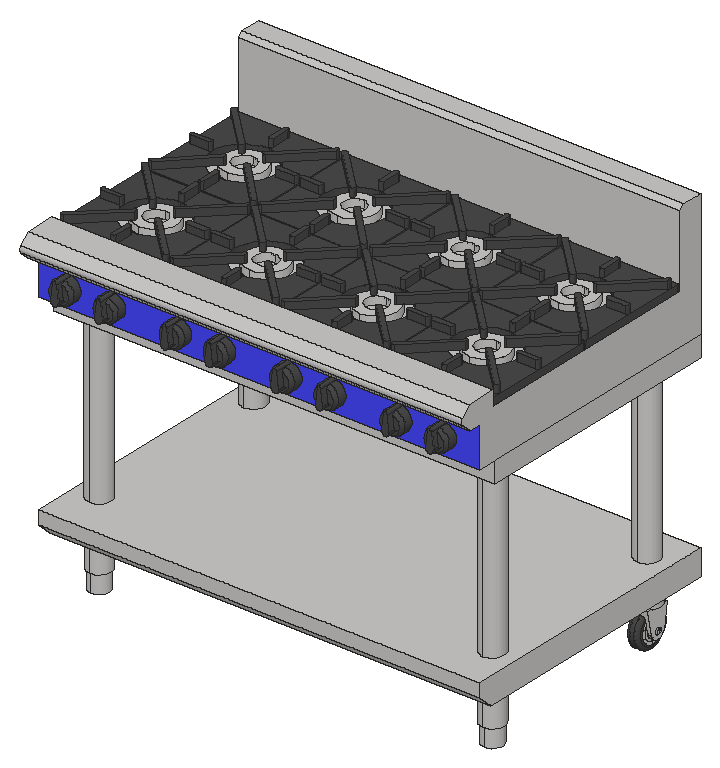
Revit family "QF_MOFFAT_BLUESEAL_CE_G518D-LS", category Specialty Equipment, Revit 2012
Parameters
  Width = 1200 mm
  Weight in Pounds = 347  # constant formula
  URL Cutsheet = "www.moffat.com"
  URL = "www.moffat.com"
  Type Mark [instance] = ""
  Status [instance] = ""
  Specification by User [instance] = ""
  Specification by Manufacturer = ""
  Show Logo [instance] = no
  Show Casters [instance] = yes
  Serial Number = ""
  Seismic Rating = ""
  SMACNA No = ""
  Revision Code [instance] = ""
  Omniclass Number and Title = ""
  NAFEM Spec ID Number = ""
  Model = "G518D-LS"
  Mechanical Remarks = ""
  Mechanical Connection Type = ""
  Masterspec = ""
  Manufacturer = "MOFFAT BLUESEAL"
  Legs [instance] = not(Show Casters)  # no
  Item Number [instance] = ""
  Installed By [instance] = ""
  Identify Quantity as Lot [instance] = yes
  Gas Size = 3/4"
  Gas RI Height = 0 mm
  Gas KW = 56
  Gas Input = 192500.0 Btu/h
  Gas Connection Height = 0 mm
  Furnished By [instance] = ""
  Foodservice Equipment Identifier [instance] = yes
  Description = "1200MM GAS COOK TOP ON LEG STAND"
  Depth = 812 mm
  CSI MasterFormat = ""
  CSI Master Format = ""
  Base Height [instance] = 150 mm
Reference planes
  plane 1 "BACK": y = 0
  plane 2: z = 0
  plane 3 "LEFT": x = 0
  plane 4 "RIGHT": x = 1200
  plane 5 "FRONT": y = -812
  plane 6 "TOP": z = 970
  plane 7 "Center Y": x = 600
  plane 8 "Center X": y = -406
  plane 9 "Base Height": z = 150
  plane 10: z = 915
  plane 11: x = 1070
  plane 12: z = 1085
  plane 13: x = 65.354
  plane 14: y = -625
  plane 15: y = -100
  plane 16: z = 655
  plane 17: x = 1134.646
Forms (mm)
  Extrusion 1, solid, material "QF_Finishes_Stainless Steel"
    sketch origin (0, 0, 0) x (0, 1, 0) y (0, 0, 1)
      loop
        line (-749, 850) -> (-749, 740) -> (0, 740) -> (0, 1085) -> (-57.5, 1085) -> (-70, 1072.5) -> (-70, 875) -> (-705, 875) -> (-705, 915) -> (-783.97, 915) -> (-808.485, 890.485)
        arc (-808.485, 890.485) -> (-811.999, 882) -> (-808.485, 873.515) r 12
        line (-808.485, 873.515) -> (-784.97, 850) -> (-749, 850)
      loop
        line (0, 685) -> (0, 739.5) -> (-699, 739.5) -> (-699, 685) -> (0, 685)
      loop
        line (0, 222.5) -> (-749, 222.5) -> (-749, 186) -> (-713, 150) -> (0, 150) -> (0, 222.5)
    from 0 to 1200
  Revolve 2, solid, material "QF_Finishes_Black"
    sketch origin (90, 7, 600) x (0, 1, 0) y (0, 0, -1)
      loop
        line (-789, -229.5) -> (-766, -229.5) -> (-766, -202) -> (-756, -202) -> (-756, -197) -> (-800, -197) -> (-800, -223.651) -> (-789, -229.5)
      axis (-800, -197) -> (-756, -197)
    angle from 0 to 360
  Extrusion 3, solid, material "QF_Finishes_Black"
    sketch origin (90, -759, 797) x (0, 0, 1) y (1, 0, 0)
      loop
        arc (32.192, -4.965) -> (37.079, 0.034) -> (32.192, 5.033) r 5
        line (32.192, 5.033) -> (-10.726, 10.453)
        arc (-10.726, 10.453) -> (-22.392, 0.618) -> (-11.893, -10.454) r 10.487
        line (-11.893, -10.454) -> (32.192, -4.965)
    from 0 to -49
  Extrusion 4, solid, material "QF_Finishes_Stainless Steel"
    sketch origin (0, 0, 222.5) x (0, -1, 0) y (1, 0, 0)
      loop
        circle (100, 65) r 31.75
      loop
        circle (625, 65) r 31.75
      loop
        circle (100, 1135) r 31.75
      loop
        circle (625, 1135) r 31.75
    from 0 to 462.5
  Revolve 5, solid, material "QF_Finishes_Stainless Steel", visible <- "Legs"
    sketch origin (65.5, -166, 0) x (0, 1, 0) y (0, 0, 1)
      loop
        line (34.25, 150) -> (34.25, 50) -> (38.5, 50) -> (38.5, 0) -> (66, 0) -> (66, 150) -> (34.25, 150)
      axis (66, 150) -> (66, 0)
    angle from 0 to 360
  Revolve 6, solid, material "QF_Finishes_Stainless Steel"
    sketch origin (65.5, -735, 0) x (0, 1, 0) y (0, 0, 1)
      loop
        line (78.25, 150) -> (78.25, 50) -> (82.5, 50) -> (82.5, 0) -> (110, 0) -> (110, 150) -> (78.25, 150)
      axis (110, 150) -> (110, 0)
    angle from 0 to 360
  Revolve 7, solid, material "QF_Finishes_Stainless Steel", visible <- "Show Casters"
    sketch origin (16.276, -100.755, -12.8) x (1, 0, 0) y (0, 0, 1)
      loop
        line (14.841, 63.604) -> (83.584, 63.604) -> (83.584, 67.109) -> (82.314, 68.379) -> (80.79, 68.379) -> (80.79, 71.826) -> (68.644, 71.826) -> (68.644, 81.79) -> (65.088, 83.843) -> (63.738, 92.179) -> (65.881, 92.179) -> (65.881, 98.529) -> (65.088, 98.529) -> (65.088, 104.879)
        arc (65.088, 104.879) -> (62.298, 111.614) -> (55.563, 114.404) r 9.525
        line (55.563, 114.404) -> (42.863, 114.404)
        arc (42.863, 114.404) -> (36.127, 111.614) -> (33.338, 104.879) r 9.525
        line (33.338, 104.879) -> (33.338, 98.529) -> (32.544, 98.529) -> (32.544, 92.179) -> (34.687, 92.179) -> (33.352, 83.932) -> (29.782, 81.871) -> (29.782, 71.826) -> (17.635, 71.826) -> (17.635, 68.379) -> (16.111, 68.379) -> (14.841, 67.109) -> (14.841, 63.604)
      axis (14.841, 63.604) -> (83.584, 63.604)
    angle from 0 to 360
  Extrusion 8, solid, material "QF_Finishes_Stainless Steel", visible <- "Show Casters"
    sketch origin (72.001, 132.353, -8.783) x (0, 1, 0) y (0, 0, 1)
      loop
        line (-200.603, 118.783) -> (-264.103, 118.783) -> (-251.746, 53.895)
        arc (-251.746, 53.895) -> (-232.353, 38.783) -> (-212.959, 53.895) r 20
        line (-212.959, 53.895) -> (-200.603, 118.783)
    from -35.667 to 22.923
  Revolve 9, solid, material "QF_Finishes_Stainless Steel", visible <- "Show Casters"
    sketch origin (65.5, -204, 0) x (0, 1, 0) y (0, 0, 1)
      loop
        line (68.25, 150) -> (68.25, 110) -> (104, 110) -> (104, 150) -> (68.25, 150)
      axis (104, 150) -> (104, 110)
    angle from 0 to 360
  Revolve 10, solid, material "QF_Finishes_Stainless Steel", visible <- "Legs"
    sketch origin (65.5, -166, 0) x (0, 1, 0) y (0, 0, 1)
      loop
        line (34.25, 150) -> (34.25, 50) -> (38.5, 50) -> (38.5, 0) -> (66, 0) -> (66, 150) -> (34.25, 150)
      axis (66, 150) -> (66, 0)
    angle from 0 to 360
  Extrusion 11, solid, material "QF_Finishes_Stainless Steel"
    sketch origin (0, 0, 685) x (-1, 0, 0) y (0, 1, 0)
      loop
        circle (-1070, -32) r 6.35
    from 0 to 30
  Revolve 12, solid, material "QF_Finishes_Black"
    sketch origin (390, 7, 600) x (0, 1, 0) y (0, 0, -1)
      loop
        line (-789, -229.5) -> (-766, -229.5) -> (-766, -202) -> (-756, -202) -> (-756, -197) -> (-800, -197) -> (-800, -223.651) -> (-789, -229.5)
      axis (-800, -197) -> (-756, -197)
    angle from 0 to 360
  Extrusion 13, solid, material "QF_Finishes_Black"
    sketch origin (390, -759, 797) x (0, 0, 1) y (1, 0, 0)
      loop
        arc (32.192, -4.965) -> (37.079, 0.034) -> (32.192, 5.033) r 5
        line (32.192, 5.033) -> (-10.726, 10.453)
        arc (-10.726, 10.453) -> (-22.392, 0.618) -> (-11.893, -10.454) r 10.487
        line (-11.893, -10.454) -> (32.192, -4.965)
    from 0 to -49
  Revolve 14, solid, material "QF_Finishes_Black"
    sketch origin (690, 7, 600) x (0, 1, 0) y (0, 0, -1)
      loop
        line (-789, -229.5) -> (-766, -229.5) -> (-766, -202) -> (-756, -202) -> (-756, -197) -> (-800, -197) -> (-800, -223.651) -> (-789, -229.5)
      axis (-800, -197) -> (-756, -197)
    angle from 0 to 360
  Extrusion 15, solid, material "QF_Finishes_Black"
    sketch origin (690, -759, 797) x (0, 0, 1) y (1, 0, 0)
      loop
        arc (32.192, -4.965) -> (37.079, 0.034) -> (32.192, 5.033) r 5
        line (32.192, 5.033) -> (-10.726, 10.453)
        arc (-10.726, 10.453) -> (-22.392, 0.618) -> (-11.893, -10.454) r 10.487
        line (-11.893, -10.454) -> (32.192, -4.965)
    from 0 to -49
  Revolve 16, solid, material "QF_Finishes_Black"
    sketch origin (210, 7, 600) x (0, 1, 0) y (0, 0, -1)
      loop
        line (-789, -229.5) -> (-766, -229.5) -> (-766, -202) -> (-756, -202) -> (-756, -197) -> (-800, -197) -> (-800, -223.651) -> (-789, -229.5)
      axis (-800, -197) -> (-756, -197)
    angle from 0 to 360
  Extrusion 17, solid, material "QF_Finishes_Black"
    sketch origin (210, -759, 797) x (0, 0, 1) y (1, 0, 0)
      loop
        arc (32.192, -4.965) -> (37.079, 0.034) -> (32.192, 5.033) r 5
        line (32.192, 5.033) -> (-10.726, 10.453)
        arc (-10.726, 10.453) -> (-22.392, 0.618) -> (-11.893, -10.454) r 10.487
        line (-11.893, -10.454) -> (32.192, -4.965)
    from 0 to -49
  Revolve 18, solid, material "QF_Finishes_Black"
    sketch origin (510, 7, 600) x (0, 1, 0) y (0, 0, -1)
      loop
        line (-789, -229.5) -> (-766, -229.5) -> (-766, -202) -> (-756, -202) -> (-756, -197) -> (-800, -197) -> (-800, -223.651) -> (-789, -229.5)
      axis (-800, -197) -> (-756, -197)
    angle from 0 to 360
  Extrusion 19, solid, material "QF_Finishes_Black"
    sketch origin (510, -759, 797) x (0, 0, 1) y (1, 0, 0)
      loop
        arc (32.192, -4.965) -> (37.079, 0.034) -> (32.192, 5.033) r 5
        line (32.192, 5.033) -> (-10.726, 10.453)
        arc (-10.726, 10.453) -> (-22.392, 0.618) -> (-11.893, -10.454) r 10.487
        line (-11.893, -10.454) -> (32.192, -4.965)
    from 0 to -49
  Revolve 20, solid, material "QF_Finishes_Black"
    sketch origin (810, 7, 600) x (0, 1, 0) y (0, 0, -1)
      loop
        line (-789, -229.5) -> (-766, -229.5) -> (-766, -202) -> (-756, -202) -> (-756, -197) -> (-800, -197) -> (-800, -223.651) -> (-789, -229.5)
      axis (-800, -197) -> (-756, -197)
    angle from 0 to 360
  Extrusion 21, solid, material "QF_Finishes_Black"
    sketch origin (810, -759, 797) x (0, 0, 1) y (1, 0, 0)
      loop
        arc (32.192, -4.965) -> (37.079, 0.034) -> (32.192, 5.033) r 5
        line (32.192, 5.033) -> (-10.726, 10.453)
        arc (-10.726, 10.453) -> (-22.392, 0.618) -> (-11.893, -10.454) r 10.487
        line (-11.893, -10.454) -> (32.192, -4.965)
    from 0 to -49
  Revolve 22, solid, material "QF_Finishes_Stainless Steel", visible <- "Legs"
    sketch origin (1134.5, -166, 0) x (0, 1, 0) y (0, 0, -1)
      loop
        line (34.25, -150) -> (66, -150) -> (66, 0) -> (38.5, 0) -> (38.5, -50) -> (34.25, -50) -> (34.25, -150)
      axis (66, -150) -> (66, 0)
    angle from 0 to 360
  Revolve 23, solid, material "QF_Finishes_Stainless Steel"
    sketch origin (1134.5, -735, 0) x (0, 1, 0) y (0, 0, -1)
      loop
        line (78.25, -150) -> (110, -150) -> (110, 0) -> (82.5, 0) -> (82.5, -50) -> (78.25, -50) -> (78.25, -150)
      axis (110, -150) -> (110, 0)
    angle from 0 to 360
  Revolve 24, solid, material "QF_Finishes_Stainless Steel", visible <- "Show Casters"
    sketch origin (1183.724, -100.755, -12.8) x (-1, 0, 0) y (0, 0, -1)
      loop
        line (14.841, -63.604) -> (14.841, -67.109) -> (16.111, -68.379) -> (17.635, -68.379) -> (17.635, -71.826) -> (29.782, -71.826) -> (29.782, -81.871) -> (33.352, -83.932) -> (34.687, -92.179) -> (32.544, -92.179) -> (32.544, -98.529) -> (33.338, -98.529) -> (33.338, -104.879)
        arc (33.338, -104.879) -> (36.127, -111.614) -> (42.863, -114.404) r 9.525
        line (42.863, -114.404) -> (55.563, -114.404)
        arc (55.563, -114.404) -> (62.298, -111.614) -> (65.088, -104.879) r 9.525
        line (65.088, -104.879) -> (65.088, -98.529) -> (65.881, -98.529) -> (65.881, -92.179) -> (63.738, -92.179) -> (65.088, -83.843) -> (68.644, -81.79) -> (68.644, -71.826) -> (80.79, -71.826) -> (80.79, -68.379) -> (82.314, -68.379) -> (83.584, -67.109) -> (83.584, -63.604) -> (14.841, -63.604)
      axis (14.841, -63.604) -> (83.584, -63.604)
    angle from 0 to 360
  Extrusion 25, solid, material "QF_Finishes_Stainless Steel", visible <- "Show Casters"
    sketch origin (1127.999, 132.353, -8.783) x (0, 1, 0) y (0, 0, -1)
      loop
        line (-200.603, -118.783) -> (-212.959, -53.895)
        arc (-212.959, -53.895) -> (-232.353, -38.783) -> (-251.746, -53.895) r 20
        line (-251.746, -53.895) -> (-264.103, -118.783) -> (-200.603, -118.783)
    from -35.667 to 22.923
  Revolve 26, solid, material "QF_Finishes_Stainless Steel", visible <- "Show Casters"
    sketch origin (1134.5, -204, 0) x (0, 1, 0) y (0, 0, -1)
      loop
        line (68.25, -150) -> (104, -150) -> (104, -110) -> (68.25, -110) -> (68.25, -150)
      axis (104, -150) -> (104, -110)
    angle from 0 to 360
  Revolve 27, solid, material "QF_Finishes_Stainless Steel", visible <- "Legs"
    sketch origin (1134.5, -166, 0) x (0, 1, 0) y (0, 0, -1)
      loop
        line (34.25, -150) -> (66, -150) -> (66, 0) -> (38.5, 0) -> (38.5, -50) -> (34.25, -50) -> (34.25, -150)
      axis (66, -150) -> (66, 0)
    angle from 0 to 360
  Revolve 28, solid, material "QF_Finishes_Black"
    sketch origin (990, 7, 600) x (0, 1, 0) y (0, 0, -1)
      loop
        line (-789, -229.5) -> (-766, -229.5) -> (-766, -202) -> (-756, -202) -> (-756, -197) -> (-800, -197) -> (-800, -223.651) -> (-789, -229.5)
      axis (-800, -197) -> (-756, -197)
    angle from 0 to 360
  Extrusion 29, solid, material "QF_Finishes_Black"
    sketch origin (990, -759, 797) x (0, 0, 1) y (1, 0, 0)
      loop
        arc (32.192, -4.965) -> (37.079, 0.034) -> (32.192, 5.033) r 5
        line (32.192, 5.033) -> (-10.726, 10.453)
        arc (-10.726, 10.453) -> (-22.392, 0.618) -> (-11.893, -10.454) r 10.487
        line (-11.893, -10.454) -> (32.192, -4.965)
    from 0 to -49
  Revolve 30, solid, material "QF_Finishes_Black"
    sketch origin (1110, 7, 600) x (0, 1, 0) y (0, 0, -1)
      loop
        line (-789, -229.5) -> (-766, -229.5) -> (-766, -202) -> (-756, -202) -> (-756, -197) -> (-800, -197) -> (-800, -223.651) -> (-789, -229.5)
      axis (-800, -197) -> (-756, -197)
    angle from 0 to 360
  Extrusion 31, solid, material "QF_Finishes_Black"
    sketch origin (1110, -759, 797) x (0, 0, 1) y (1, 0, 0)
      loop
        arc (32.192, -4.965) -> (37.079, 0.034) -> (32.192, 5.033) r 5
        line (32.192, 5.033) -> (-10.726, 10.453)
        arc (-10.726, 10.453) -> (-22.392, 0.618) -> (-11.893, -10.454) r 10.487
        line (-11.893, -10.454) -> (32.192, -4.965)
    from 0 to -49
Lines and regions (mm)
  Split face 1
    outline origin (0, -56.5, 1085) x (0, 1, 0) y (-1, 0, 0)
      loop
        line (11.115, -638.041) -> (11.115, -866)
        arc (11.115, -866) -> (16.115, -874.66) -> (26.115, -874.66) r 10
        line (26.115, -874.66) -> (33.115, -870.619)
        arc (33.115, -870.619) -> (36.775, -866.959) -> (38.115, -861.959) r 10
        line (38.115, -861.959) -> (38.115, -634)
        arc (38.115, -634) -> (33.115, -625.34) -> (23.115, -625.34) r 10
        line (23.115, -625.34) -> (16.115, -629.381)
        arc (16.115, -629.381) -> (12.455, -633.041) -> (11.115, -638.041) r 10
  Split face 2
    outline origin (0, -56.5, 1085) x (0, 1, 0) y (-1, 0, 0)
      loop
        line (38.115, -1151.959) -> (38.115, -924)
        arc (38.115, -924) -> (33.115, -915.34) -> (23.115, -915.34) r 10
        line (23.115, -915.34) -> (16.115, -919.381)
        arc (16.115, -919.381) -> (12.455, -923.041) -> (11.115, -928.041) r 10
        line (11.115, -928.041) -> (11.115, -1156)
        arc (11.115, -1156) -> (16.115, -1164.66) -> (26.115, -1164.66) r 10
        line (26.115, -1164.66) -> (33.115, -1160.619)
        arc (33.115, -1160.619) -> (36.775, -1156.959) -> (38.115, -1151.959) r 10
  Split face 3
    outline origin (0, -56.5, 1085) x (0, 1, 0) y (-1, 0, 0)
      loop
        line (11.115, -48.041) -> (11.115, -276)
        arc (11.115, -276) -> (16.115, -284.66) -> (26.115, -284.66) r 10
        line (26.115, -284.66) -> (33.115, -280.619)
        arc (33.115, -280.619) -> (36.775, -276.959) -> (38.115, -271.959) r 10
        line (38.115, -271.959) -> (38.115, -44)
        arc (38.115, -44) -> (33.115, -35.34) -> (23.115, -35.34) r 10
        line (23.115, -35.34) -> (16.115, -39.381)
        arc (16.115, -39.381) -> (12.455, -43.041) -> (11.115, -48.041) r 10
  Split face 4
    outline origin (0, -56.5, 1085) x (0, 1, 0) y (-1, 0, 0)
      loop
        arc (38.115, -344) -> (33.115, -335.34) -> (23.115, -335.34) r 10
        line (23.115, -335.34) -> (16.115, -339.381)
        arc (16.115, -339.381) -> (12.455, -343.041) -> (11.115, -348.041) r 10
        line (11.115, -348.041) -> (11.115, -576)
        arc (11.115, -576) -> (16.115, -584.66) -> (26.115, -584.66) r 10
        line (26.115, -584.66) -> (33.115, -580.619)
        arc (33.115, -580.619) -> (36.775, -576.959) -> (38.115, -571.959) r 10
        line (38.115, -571.959) -> (38.115, -344)
  symbolic lines, style "SpecialityEquipmentHiddenLines", visible <- "Show Casters"
    curve 1: line (78.456, -46.735, 0) -> (105.952, -62.61, 0)
    curve 2: line (27.656, -134.723, 0) -> (78.456, -46.735, 0)
    curve 3: line (55.152, -150.598, 0) -> (27.656, -134.723, 0)
    curve 4: line (105.952, -62.61, 0) -> (55.152, -150.598, 0)
    curve 5: line (1148.456, -46.735, 0) -> (1175.952, -62.61, 0)
    curve 6: line (1097.656, -134.723, 0) -> (1148.456, -46.735, 0)
    curve 7: line (1125.152, -150.598, 0) -> (1097.656, -134.723, 0)
    curve 8: line (1175.952, -62.61, 0) -> (1125.152, -150.598, 0)
  symbolic lines
    curve 9: line (0, -783.97, 0) -> (1200, -783.97, 0)
    curve 10: line (0, 0, 0) -> (0, -811.999, 0)
    curve 11: line (1200, -811.999, 0) -> (1200, 0, 0)
    curve 12: line (1200, -811.999, 0) -> (0, -811.999, 0)
    curve 13: line (0, -70, 0) -> (1200, -70, 0)
    curve 14: line (0, -57.5, 0) -> (1200, -57.5, 0)
    curve 15: line (1200, 0, 0) -> (0, 0, 0)
    curve 16: line (271.959, -18.385, 0) -> (44, -18.385, 0)
    curve 17: arc (44, -18.385, 0) -> (35.34, -23.385, 0) -> (35.34, -33.385, 0) r 10
    curve 18: line (35.34, -33.385, 0) -> (39.381, -40.385, 0)
    curve 19: arc (39.381, -40.385, 0) -> (43.041, -44.045, 0) -> (48.041, -45.385, 0) r 10
    curve 20: line (48.041, -45.385, 0) -> (276, -45.385, 0)
    curve 21: arc (276, -45.385, 0) -> (284.66, -40.385, 0) -> (284.66, -30.385, 0) r 10
    curve 22: line (284.66, -30.385, 0) -> (280.619, -23.385, 0)
    curve 23: arc (280.619, -23.385, 0) -> (276.959, -19.725, 0) -> (271.959, -18.385, 0) r 10
    curve 24: line (0, -705, 0) -> (1200, -705, 0)
    curve 25: line (571.959, -18.385, 0) -> (344, -18.385, 0)
    curve 26: arc (344, -18.385, 0) -> (335.34, -23.385, 0) -> (335.34, -33.385, 0) r 10
    curve 27: line (335.34, -33.385, 0) -> (339.381, -40.385, 0)
    curve 28: arc (339.381, -40.385, 0) -> (343.041, -44.045, 0) -> (348.041, -45.385, 0) r 10
    curve 29: line (348.041, -45.385, 0) -> (576, -45.385, 0)
    curve 30: arc (576, -45.385, 0) -> (584.66, -40.385, 0) -> (584.66, -30.385, 0) r 10
    curve 31: line (584.66, -30.385, 0) -> (580.619, -23.385, 0)
    curve 32: arc (580.619, -23.385, 0) -> (576.959, -19.725, 0) -> (571.959, -18.385, 0) r 10
    curve 33: line (861.959, -18.385, 0) -> (634, -18.385, 0)
    curve 34: arc (634, -18.385, 0) -> (625.34, -23.385, 0) -> (625.34, -33.385, 0) r 10
    curve 35: line (625.34, -33.385, 0) -> (629.381, -40.385, 0)
    curve 36: arc (629.381, -40.385, 0) -> (633.041, -44.045, 0) -> (638.041, -45.385, 0) r 10
    curve 37: line (638.041, -45.385, 0) -> (866, -45.385, 0)
    curve 38: arc (866, -45.385, 0) -> (874.66, -40.385, 0) -> (874.66, -30.385, 0) r 10
    curve 39: line (874.66, -30.385, 0) -> (870.619, -23.385, 0)
    curve 40: arc (870.619, -23.385, 0) -> (866.959, -19.725, 0) -> (861.959, -18.385, 0) r 10
    curve 41: line (924, -18.385, 0) -> (1151.959, -18.385, 0)
    curve 42: arc (1151.959, -18.385, 0) -> (1156.959, -19.725, 0) -> (1160.619, -23.385, 0) r 10
    curve 43: line (1160.619, -23.385, 0) -> (1164.66, -30.385, 0)
    curve 44: arc (1164.66, -30.385, 0) -> (1164.66, -40.385, 0) -> (1156, -45.385, 0) r 10
    curve 45: line (1156, -45.385, 0) -> (928.041, -45.385, 0)
    curve 46: arc (928.041, -45.385, 0) -> (923.041, -44.045, 0) -> (919.381, -40.385, 0) r 10
    curve 47: line (919.381, -40.385, 0) -> (915.34, -33.385, 0)
    curve 48: arc (915.34, -33.385, 0) -> (915.34, -23.385, 0) -> (924, -18.385, 0) r 10
Dimensions and locks
  equal spacing: plane 3 "LEFT", plane 7 "Center Y", plane 4 "RIGHT"
  "Width": plane 3 "LEFT" to plane 4 "RIGHT"
  equal spacing: plane 5 "FRONT", plane 8 "Center X", plane 1 "BACK"
  "Depth": plane 5 "FRONT" to plane 1 "BACK"
  equal spacing: plane 4 "RIGHT", plane 7 "Center Y", plane 3 "LEFT"
  plane 4 "RIGHT" to plane 3 "LEFT" = 1200 mm
  plane 5 "FRONT" to plane 1 "BACK" = 812 mm
  "Base Height": plane 9 "Base Height" to level
  plane 6 "TOP" to level = 970 mm
  plane 10 to level = 915 mm
  plane 11 to plane 4 "RIGHT" = 130 mm
  plane 12 to plane 2 = 1085 mm
  Revolve 7 sketch curve to Revolve 7 sketch curve = 50.8 mm
  plane 15 to plane 14 = 525 mm
  plane 16 to plane 2 = 655 mm
  Extrusion 11 sketch curve to plane 1 "BACK" = 32 mm
  Revolve 24 sketch curve to Revolve 24 sketch curve = 50.8 mm
  aligned and locked: level to plane 2
Automatic sketch dimensions
  curve 10 to plane 3 "LEFT" = 0 mm
  curve 24 to plane 4 "RIGHT" = 0 mm
  plane 1 "BACK" to curve 15 = 0 mm
  plane 3 "LEFT" to curve 3 = 27.656 mm
  plane 13 to curve 18 = 30.014 mm
  curve 17 to curve 19 = 4.041 mm
  curve 17 to curve 17 = 8.66 mm
  curve 18 to curve 20 = 8.66 mm
  plane 13 to curve 3 = 10.202 mm
  curve 1 to plane 13 = 13.102 mm
  plane 1 "BACK" to curve 16 = 18.385 mm
  curve 1 to curve 16 = 166.007 mm
  curve 23 to curve 21 = 4.041 mm
  curve 23 to curve 23 = 8.66 mm
  plane 1 "BACK" to curve 22 = 30.385 mm
  curve 23 to curve 22 = 4.041 mm
  curve 22 to curve 26 = 50.679 mm
  plane 1 "BACK" to curve 27 = 40.385 mm
  curve 27 to curve 27 = 4.041 mm
  curve 26 to curve 26 = 8.66 mm
  curve 26 to curve 28 = 4.041 mm
  curve 32 to plane 7 "Center Y" = 28.041 mm
  curve 32 to curve 29 = 4.041 mm
  curve 32 to curve 31 = 8.66 mm
  curve 32 to curve 30 = 4.041 mm
  plane 7 "Center Y" to curve 35 = 25.34 mm
  curve 35 to curve 35 = 4.041 mm
  curve 34 to curve 34 = 8.66 mm
  curve 35 to curve 37 = 8.66 mm
  plane 1 "BACK" to curve 33 = 18.385 mm
  curve 33 to plane 11 = 208.041 mm
  curve 40 to curve 37 = 4.041 mm
  plane 1 "BACK" to curve 39 = 23.385 mm
  curve 33 to curve 39 = 8.66 mm
  plane 1 "BACK" to curve 39 = 30.385 mm
  curve 40 to curve 39 = 4.041 mm
  curve 38 to curve 48 = 40.679 mm
  plane 1 "BACK" to curve 47 = 40.385 mm
  curve 47 to curve 47 = 4.041 mm
  curve 48 to curve 48 = 8.66 mm
  curve 47 to curve 46 = 8.66 mm
  plane 11 to curve 6 = 27.656 mm
  curve 7 to plane 17 = 9.494 mm
  plane 17 to curve 6 = 13.809 mm
  plane 17 to curve 41 = 17.312 mm
  curve 42 to curve 44 = 4.041 mm
  curve 42 to curve 43 = 8.66 mm
  curve 42 to curve 43 = 4.041 mm
  curve 19 to curve 16 = 22 mm
  plane 1 "BACK" to curve 30 = 45.385 mm
  curve 21 to curve 21 = 15 mm
  plane 1 "BACK" to curve 44 = 45.385 mm
  curve 38 to curve 39 = 15 mm
  curve 2 to curve 19 = 1.35 mm
  curve 5 to curve 45 = 1.35 mm
  curve 14 to plane 15 = 42.5 mm
  curve 8 to curve 14 = 5.11 mm
  curve 4 to curve 1 = 15.875 mm
  curve 13 to curve 14 = 12.5 mm
  plane 14 to curve 24 = 80 mm
  curve 9 to plane 5 "FRONT" = 28.03 mm
  curve 10 to plane 5 "FRONT" = 0.001 mm
  curve 37 to curve 35 = 5 mm
  curve 45 to curve 44 = 10 mm
  curve 29 to curve 30 = 10 mm
  curve 18 to curve 17 = 7 mm
  curve 46 to curve 47 = 7 mm
  curve 28 to curve 26 = 7 mm  (x2)
  curve 36 to curve 35 = 7 mm
  curve 46 to curve 48 = 7 mm
  curve 44 to curve 42 = 7 mm
  curve 30 to curve 32 = 7 mm
  curve 21 to curve 23 = 7 mm
  plane 10 to Extrusion 1 sketch curve = 0 mm
  Extrusion 1 sketch curve to plane 9 "Base Height" = 0 mm
  plane 12 to Extrusion 1 sketch curve = 0 mm
  Extrusion 1 sketch curve to plane 1 "BACK" = 0 mm  (x3)
  Extrusion 1 sketch curve to plane 15 = 42.5 mm
  plane 12 to Extrusion 1 sketch curve = 12.5 mm
  Extrusion 1 sketch curve to Extrusion 1 sketch curve = 12.5 mm
  plane 16 to Extrusion 1 sketch curve = 30 mm
  plane 14 to Extrusion 1 sketch curve = 74 mm
  plane 14 to Extrusion 1 sketch curve = 80 mm
  plane 14 to Extrusion 1 sketch curve = 88 mm
  Extrusion 1 sketch curve to Extrusion 1 sketch curve = 44 mm
  Extrusion 1 sketch curve to Extrusion 1 sketch curve = 36 mm
  Extrusion 1 sketch curve to plane 5 "FRONT" = 28.03 mm
  Extrusion 1 sketch curve to plane 5 "FRONT" = 27.03 mm
  Extrusion 1 sketch curve to plane 5 "FRONT" = 12.001 mm
  Extrusion 1 sketch curve to plane 5 "FRONT" = 3.515 mm  (x2)
  plane 9 "Base Height" to Extrusion 1 sketch curve = 36 mm
  plane 9 "Base Height" to Extrusion 1 sketch curve = 72.5 mm
  Extrusion 1 sketch curve to Extrusion 1 sketch curve = 54.5 mm
  Extrusion 1 sketch curve to Extrusion 1 sketch curve = 0.5 mm
  plane 10 to Extrusion 1 sketch curve = 65 mm
  Extrusion 1 sketch curve to Extrusion 1 sketch curve = 23.515 mm
  plane 10 to Extrusion 1 sketch curve = 40 mm
  Extrusion 1 sketch curve to Extrusion 1 sketch curve = 8.485 mm
  Revolve 2 sketch curve to plane 5 "FRONT" = 19 mm
  Revolve 2 sketch curve to Revolve 2 sketch curve = 0 mm  (x2)
  Revolve 2 sketch curve to Revolve 2 sketch curve = 11 mm
  Revolve 2 sketch curve to Revolve 2 sketch curve = 12.7 mm
  Revolve 2 sketch curve to Revolve 2 sketch curve = 23 mm
  Revolve 2 sketch curve to Revolve 2 sketch curve = 10 mm
  plane 10 to Revolve 2 sketch curve = 85.5 mm
  Revolve 2 sketch curve to Revolve 2 sketch curve = 5.849 mm
  Revolve 2 sketch curve to Revolve 2 sketch curve = 27.5 mm
  Revolve 2 sketch curve to Revolve 2 sketch curve = 5 mm
  Extrusion 3 sketch curve to Revolve 2 = 0.034 mm  (x2)
  Revolve 2 to Extrusion 3 sketch curve = 10.454 mm
  Extrusion 3 sketch curve to Extrusion 3 sketch curve = 0.028 mm
  Extrusion 3 sketch curve to Revolve 2 = 10.453 mm
  Extrusion 3 sketch curve to Extrusion 3 sketch curve = 44 mm
  Extrusion 3 sketch curve to Revolve 2 = 5.033 mm
  Extrusion 3 sketch curve to Extrusion 3 sketch curve = 0.113 mm
  Revolve 2 to Extrusion 3 sketch curve = 4.965 mm
  Extrusion 4 sketch curve to Extrusion 4 sketch curve = 0 mm  (x8)
  Extrusion 1 to Extrusion 4 sketch curve = 68.25 mm  (x2)
  Extrusion 4 sketch curve to Extrusion 4 sketch curve = 31.75 mm  (x4)
  Extrusion 4 sketch curve to Extrusion 1 = 155.75 mm  (x2)
  Extrusion 1 to Extrusion 4 sketch curve = 65 mm  (x4)
  Revolve 5 sketch curve to plane 9 "Base Height" = 0 mm
  Revolve 5 sketch curve to level = 0 mm
  Revolve 5 sketch curve to plane 15 = 0 mm  (x2)
  plane 15 to Revolve 5 sketch curve = 27.5 mm
  plane 15 to Revolve 5 sketch curve = 31.75 mm
  Revolve 5 sketch curve to Revolve 5 sketch curve = 55 mm
  level to Revolve 5 sketch curve = 50 mm
  Revolve 5 sketch curve to Revolve 5 sketch curve = 0 mm
  Revolve 6 sketch curve to plane 9 "Base Height" = 0 mm
  Revolve 6 sketch curve to level = 0 mm
  Revolve 6 sketch curve to plane 14 = 0 mm  (x2)
  Revolve 6 sketch curve to Revolve 6 sketch curve = 27.5 mm
  Revolve 6 sketch curve to Revolve 6 sketch curve = 31.75 mm
  Revolve 6 sketch curve to Revolve 6 sketch curve = 55 mm
  level to Revolve 6 sketch curve = 50 mm
  Revolve 6 sketch curve to Revolve 6 sketch curve = 0 mm
  plane 3 "LEFT" to Revolve 7 sketch curve = 31.118 mm
  Revolve 7 sketch curve to Revolve 7 sketch curve = 1.27 mm  (x4)
  Revolve 7 sketch curve to Revolve 7 sketch curve = 1.524 mm  (x2)
  Revolve 7 sketch curve to Revolve 7 sketch curve = 12.146 mm  (x2)
  plane 13 to Revolve 7 sketch curve = 16.533 mm
  Revolve 7 sketch curve to Revolve 7 sketch curve = 0.794 mm  (x2)
  Revolve 7 sketch curve to Revolve 7 sketch curve = 3.57 mm
  Revolve 7 sketch curve to Revolve 7 sketch curve = 2.143 mm
  plane 13 to Revolve 7 sketch curve = 6.215 mm
  Revolve 7 sketch curve to plane 13 = 5.276 mm
  Revolve 7 sketch curve to plane 13 = 6.485 mm
  Revolve 7 sketch curve to plane 13 = 14.661 mm
  Revolve 7 sketch curve to Revolve 7 sketch curve = 1.349 mm  (x2)
  Revolve 7 sketch curve to Revolve 7 sketch curve = 3.556 mm
  Revolve 7 sketch curve to Revolve 7 sketch curve = 33.32 mm
  level to Revolve 7 sketch curve = 50.804 mm
  Revolve 7 sketch curve to Revolve 7 sketch curve = 0 mm
  Revolve 7 sketch curve to Revolve 7 sketch curve = 3.505 mm  (x2)
  Revolve 7 sketch curve to Revolve 7 sketch curve = 3.447 mm  (x2)
  Revolve 7 sketch curve to Revolve 7 sketch curve = 9.964 mm
  Revolve 7 sketch curve to Revolve 7 sketch curve = 10.045 mm
  Revolve 7 sketch curve to Revolve 7 sketch curve = 2.053 mm
  Revolve 7 sketch curve to Revolve 7 sketch curve = 2.061 mm
  Revolve 7 sketch curve to Revolve 7 sketch curve = 8.247 mm
  Revolve 7 sketch curve to Revolve 7 sketch curve = 8.336 mm
  Revolve 7 sketch curve to Revolve 7 sketch curve = 6.35 mm  (x2)
  Extrusion 8 sketch curve to plane 15 = 0 mm
  plane 15 to Extrusion 8 sketch curve = 19.393 mm
  plane 15 to Extrusion 8 sketch curve = 31.75 mm
  Extrusion 8 sketch curve to plane 15 = 19.393 mm
  Extrusion 8 sketch curve to plane 15 = 31.75 mm
  level to Extrusion 8 sketch curve = 45.111 mm
  Extrusion 8 sketch curve to Extrusion 8 sketch curve = 4.889 mm
  Extrusion 8 sketch curve to plane 9 "Base Height" = 40 mm
  Revolve 9 sketch curve to plane 9 "Base Height" = 0 mm
  Revolve 9 sketch curve to plane 15 = 0 mm  (x2)
  plane 15 to Revolve 9 sketch curve = 35.75 mm
  Revolve 9 sketch curve to Revolve 9 sketch curve = 40 mm
  level to Revolve 9 sketch curve = 50 mm
  Revolve 9 sketch curve to level = 55 mm
  Revolve 10 sketch curve to plane 9 "Base Height" = 0 mm
  Revolve 10 sketch curve to level = 0 mm
  Revolve 10 sketch curve to plane 15 = 0 mm  (x2)
  plane 15 to Revolve 10 sketch curve = 27.5 mm
  plane 15 to Revolve 10 sketch curve = 31.75 mm
  Revolve 10 sketch curve to Revolve 10 sketch curve = 55 mm
  level to Revolve 10 sketch curve = 50 mm
  Revolve 10 sketch curve to Revolve 10 sketch curve = 0 mm
  Extrusion 11 sketch curve to Extrusion 11 sketch curve = 0 mm
  Extrusion 11 sketch curve to Extrusion 1 = 38.35 mm
  Extrusion 11 sketch curve to Extrusion 1 = 130 mm
  Split face 1 sketch curve to Extrusion 1 = 12.115 mm
  Split face 1 sketch curve to Split face 1 sketch curve = 5 mm  (x3)
  Split face 1 sketch curve to Split face 1 sketch curve = 10 mm  (x2)
  Split face 1 sketch curve to Split face 1 sketch curve = 7 mm  (x4)
  Split face 1 sketch curve to Extrusion 1 = 325.34 mm
  Split face 1 sketch curve to Split face 1 sketch curve = 4.041 mm  (x2)
  Split face 1 sketch curve to Split face 1 sketch curve = 223.917 mm
  Split face 2 sketch curve to Extrusion 1 = 12.115 mm
  Split face 2 sketch curve to Split face 2 sketch curve = 5 mm  (x3)
  Split face 2 sketch curve to Split face 2 sketch curve = 10 mm  (x2)
  Split face 2 sketch curve to Split face 2 sketch curve = 7 mm  (x4)
  Split face 2 sketch curve to Extrusion 1 = 35.34 mm
  Split face 2 sketch curve to Split face 2 sketch curve = 4.041 mm  (x2)
  Split face 2 sketch curve to Split face 2 sketch curve = 223.917 mm
  Split face 3 sketch curve to Extrusion 1 = 12.115 mm
  Split face 3 sketch curve to Split face 3 sketch curve = 5 mm  (x3)
  Split face 3 sketch curve to Split face 3 sketch curve = 10 mm  (x2)
  Split face 3 sketch curve to Split face 3 sketch curve = 7 mm  (x4)
  Split face 3 sketch curve to Extrusion 1 = 284.66 mm
  Split face 3 sketch curve to Split face 3 sketch curve = 4.041 mm  (x2)
  Split face 3 sketch curve to Extrusion 1 = 48.041 mm
  Revolve 12 sketch curve to plane 5 "FRONT" = 19 mm
  Revolve 12 sketch curve to Revolve 12 sketch curve = 0 mm  (x2)
  Revolve 12 sketch curve to Revolve 12 sketch curve = 11 mm
  Revolve 12 sketch curve to Revolve 12 sketch curve = 12.7 mm
  Revolve 12 sketch curve to Revolve 12 sketch curve = 23 mm
  Revolve 12 sketch curve to Revolve 12 sketch curve = 10 mm
  plane 10 to Revolve 12 sketch curve = 85.5 mm
  Revolve 12 sketch curve to Revolve 12 sketch curve = 5.849 mm
  Revolve 12 sketch curve to Revolve 12 sketch curve = 27.5 mm
  Revolve 12 sketch curve to Revolve 12 sketch curve = 5 mm
  Extrusion 13 sketch curve to Revolve 12 = 0.034 mm  (x2)
  Revolve 12 to Extrusion 13 sketch curve = 10.454 mm
  Extrusion 13 sketch curve to Extrusion 13 sketch curve = 0.028 mm
  Extrusion 13 sketch curve to Revolve 12 = 10.453 mm
  Extrusion 13 sketch curve to Extrusion 13 sketch curve = 44 mm
  Extrusion 13 sketch curve to Revolve 12 = 5.033 mm
  Extrusion 13 sketch curve to Extrusion 13 sketch curve = 0.113 mm
  Revolve 12 to Extrusion 13 sketch curve = 4.965 mm
  Revolve 14 sketch curve to plane 5 "FRONT" = 19 mm
  Revolve 14 sketch curve to Revolve 14 sketch curve = 0 mm  (x2)
  Revolve 14 sketch curve to Revolve 14 sketch curve = 11 mm
  Revolve 14 sketch curve to Revolve 14 sketch curve = 12.7 mm
  Revolve 14 sketch curve to Revolve 14 sketch curve = 23 mm
  Revolve 14 sketch curve to Revolve 14 sketch curve = 10 mm
  plane 10 to Revolve 14 sketch curve = 85.5 mm
  Revolve 14 sketch curve to Revolve 14 sketch curve = 5.849 mm
  Revolve 14 sketch curve to Revolve 14 sketch curve = 27.5 mm
  Revolve 14 sketch curve to Revolve 14 sketch curve = 5 mm
  Extrusion 15 sketch curve to Revolve 14 = 0.034 mm  (x2)
  Revolve 14 to Extrusion 15 sketch curve = 10.454 mm
  Extrusion 15 sketch curve to Extrusion 15 sketch curve = 0.028 mm
  Extrusion 15 sketch curve to Revolve 14 = 10.453 mm
  Extrusion 15 sketch curve to Extrusion 15 sketch curve = 44 mm
  Extrusion 15 sketch curve to Revolve 14 = 5.033 mm
  Extrusion 15 sketch curve to Extrusion 15 sketch curve = 0.113 mm
  Revolve 14 to Extrusion 15 sketch curve = 4.965 mm
  Revolve 16 sketch curve to plane 5 "FRONT" = 19 mm
  Revolve 16 sketch curve to Revolve 16 sketch curve = 0 mm  (x2)
  Revolve 16 sketch curve to Revolve 16 sketch curve = 11 mm
  Revolve 16 sketch curve to Revolve 16 sketch curve = 12.7 mm
  Revolve 16 sketch curve to Revolve 16 sketch curve = 23 mm
  Revolve 16 sketch curve to Revolve 16 sketch curve = 10 mm
  plane 10 to Revolve 16 sketch curve = 85.5 mm
  Revolve 16 sketch curve to Revolve 16 sketch curve = 5.849 mm
  Revolve 16 sketch curve to Revolve 16 sketch curve = 27.5 mm
  Revolve 16 sketch curve to Revolve 16 sketch curve = 5 mm
  Extrusion 17 sketch curve to Revolve 16 = 0.034 mm  (x2)
  Revolve 16 to Extrusion 17 sketch curve = 10.454 mm
  Extrusion 17 sketch curve to Extrusion 17 sketch curve = 0.028 mm
  Extrusion 17 sketch curve to Revolve 16 = 10.453 mm
  Extrusion 17 sketch curve to Extrusion 17 sketch curve = 44 mm
  Extrusion 17 sketch curve to Revolve 16 = 5.033 mm
  Extrusion 17 sketch curve to Extrusion 17 sketch curve = 0.113 mm
  Revolve 16 to Extrusion 17 sketch curve = 4.965 mm
  Revolve 18 sketch curve to plane 5 "FRONT" = 19 mm
  Revolve 18 sketch curve to Revolve 18 sketch curve = 0 mm  (x2)
  Revolve 18 sketch curve to Revolve 18 sketch curve = 11 mm
  Revolve 18 sketch curve to Revolve 18 sketch curve = 12.7 mm
  Revolve 18 sketch curve to Revolve 18 sketch curve = 23 mm
  Revolve 18 sketch curve to Revolve 18 sketch curve = 10 mm
  plane 10 to Revolve 18 sketch curve = 85.5 mm
  Revolve 18 sketch curve to Revolve 18 sketch curve = 5.849 mm
  Revolve 18 sketch curve to Revolve 18 sketch curve = 27.5 mm
  Revolve 18 sketch curve to Revolve 18 sketch curve = 5 mm
  Extrusion 19 sketch curve to Revolve 18 = 0.034 mm  (x2)
  Revolve 18 to Extrusion 19 sketch curve = 10.454 mm
  Extrusion 19 sketch curve to Extrusion 19 sketch curve = 0.028 mm
  Extrusion 19 sketch curve to Revolve 18 = 10.453 mm
  Extrusion 19 sketch curve to Extrusion 19 sketch curve = 44 mm
  Extrusion 19 sketch curve to Revolve 18 = 5.033 mm
  Extrusion 19 sketch curve to Extrusion 19 sketch curve = 0.113 mm
  Revolve 18 to Extrusion 19 sketch curve = 4.965 mm
  Revolve 20 sketch curve to plane 5 "FRONT" = 19 mm
  Revolve 20 sketch curve to Revolve 20 sketch curve = 0 mm  (x2)
  Revolve 20 sketch curve to Revolve 20 sketch curve = 11 mm
  Revolve 20 sketch curve to Revolve 20 sketch curve = 12.7 mm
  Revolve 20 sketch curve to Revolve 20 sketch curve = 23 mm
  Revolve 20 sketch curve to Revolve 20 sketch curve = 10 mm
  plane 10 to Revolve 20 sketch curve = 85.5 mm
  Revolve 20 sketch curve to Revolve 20 sketch curve = 5.849 mm
  Revolve 20 sketch curve to Revolve 20 sketch curve = 27.5 mm
  Revolve 20 sketch curve to Revolve 20 sketch curve = 5 mm
  Extrusion 21 sketch curve to Revolve 20 = 0.034 mm  (x2)
  Revolve 20 to Extrusion 21 sketch curve = 10.454 mm
  Extrusion 21 sketch curve to Extrusion 21 sketch curve = 0.028 mm
  Extrusion 21 sketch curve to Revolve 20 = 10.453 mm
  Extrusion 21 sketch curve to Extrusion 21 sketch curve = 44 mm
  Extrusion 21 sketch curve to Revolve 20 = 5.033 mm
  Extrusion 21 sketch curve to Extrusion 21 sketch curve = 0.113 mm
  Revolve 20 to Extrusion 21 sketch curve = 4.965 mm
  Revolve 22 sketch curve to plane 9 "Base Height" = 0 mm
  Revolve 22 sketch curve to level = 0 mm
  Revolve 22 sketch curve to plane 15 = 0 mm  (x2)
  plane 15 to Revolve 22 sketch curve = 27.5 mm
  plane 15 to Revolve 22 sketch curve = 31.75 mm
  level to Revolve 22 sketch curve = 50 mm
  Revolve 22 sketch curve to Revolve 22 sketch curve = 0 mm
  Revolve 22 sketch curve to Revolve 22 sketch curve = 55 mm
  Revolve 23 sketch curve to plane 9 "Base Height" = 0 mm
  Revolve 23 sketch curve to level = 0 mm
  Revolve 23 sketch curve to plane 14 = 0 mm  (x2)
  Revolve 23 sketch curve to Revolve 23 sketch curve = 27.5 mm
  Revolve 23 sketch curve to Revolve 23 sketch curve = 31.75 mm
  level to Revolve 23 sketch curve = 50 mm
  Revolve 23 sketch curve to Revolve 23 sketch curve = 0 mm
  Revolve 23 sketch curve to Revolve 23 sketch curve = 55 mm
  plane 4 "RIGHT" to Revolve 24 sketch curve = 31.118 mm
  Revolve 24 sketch curve to Revolve 24 sketch curve = 1.27 mm  (x4)
  Revolve 24 sketch curve to Revolve 24 sketch curve = 1.524 mm  (x2)
  Revolve 24 sketch curve to Revolve 24 sketch curve = 12.146 mm  (x2)
  plane 17 to Revolve 24 sketch curve = 16.533 mm
  Revolve 24 sketch curve to Revolve 24 sketch curve = 0.794 mm  (x2)
  Revolve 24 sketch curve to Revolve 24 sketch curve = 3.57 mm
  Revolve 24 sketch curve to Revolve 24 sketch curve = 2.143 mm
  plane 17 to Revolve 24 sketch curve = 6.215 mm
  Revolve 24 sketch curve to plane 17 = 5.276 mm
  Revolve 24 sketch curve to plane 17 = 6.485 mm
  Revolve 24 sketch curve to plane 17 = 14.661 mm
  Revolve 24 sketch curve to Revolve 24 sketch curve = 1.349 mm  (x2)
  Revolve 24 sketch curve to Revolve 24 sketch curve = 3.556 mm
  Revolve 24 sketch curve to plane 11 = 3.18 mm
  Revolve 24 sketch curve to plane 9 "Base Height" = 48.396 mm
  Revolve 24 sketch curve to Revolve 24 sketch curve = 6.35 mm  (x4)
  Revolve 24 sketch curve to Revolve 24 sketch curve = 8.247 mm
  Revolve 24 sketch curve to Revolve 24 sketch curve = 8.336 mm
  Revolve 24 sketch curve to Revolve 24 sketch curve = 2.061 mm
  Revolve 24 sketch curve to Revolve 24 sketch curve = 2.053 mm
  Revolve 24 sketch curve to Revolve 24 sketch curve = 10.045 mm
  Revolve 24 sketch curve to Revolve 24 sketch curve = 9.964 mm
  Revolve 24 sketch curve to Revolve 24 sketch curve = 3.447 mm  (x2)
  Revolve 24 sketch curve to Revolve 24 sketch curve = 3.505 mm
  Extrusion 25 sketch curve to plane 15 = 0 mm
  plane 15 to Extrusion 25 sketch curve = 19.393 mm
  plane 15 to Extrusion 25 sketch curve = 31.75 mm
  Extrusion 25 sketch curve to plane 15 = 19.393 mm
  Extrusion 25 sketch curve to plane 15 = 31.75 mm
  Extrusion 25 sketch curve to plane 9 "Base Height" = 40 mm
  level to Extrusion 25 sketch curve = 50 mm
  Extrusion 25 sketch curve to Extrusion 25 sketch curve = 4.889 mm
  Revolve 26 sketch curve to plane 9 "Base Height" = 0 mm
  Revolve 26 sketch curve to plane 15 = 0 mm  (x2)
  plane 15 to Revolve 26 sketch curve = 35.75 mm
  Revolve 26 sketch curve to Revolve 26 sketch curve = 40 mm
  level to Revolve 26 sketch curve = 50 mm
  Revolve 26 sketch curve to level = 55 mm
  Revolve 27 sketch curve to plane 9 "Base Height" = 0 mm
  Revolve 27 sketch curve to level = 0 mm
  Revolve 27 sketch curve to plane 15 = 0 mm  (x2)
  plane 15 to Revolve 27 sketch curve = 27.5 mm
  plane 15 to Revolve 27 sketch curve = 31.75 mm
  level to Revolve 27 sketch curve = 50 mm
  Revolve 27 sketch curve to Revolve 27 sketch curve = 0 mm
  Revolve 27 sketch curve to Revolve 27 sketch curve = 55 mm
  Split face 4 sketch curve to Extrusion 1 = 12.115 mm
  Split face 4 sketch curve to Split face 4 sketch curve = 5 mm  (x4)
  Split face 4 sketch curve to Split face 4 sketch curve = 10 mm
  Split face 4 sketch curve to Split face 4 sketch curve = 7 mm  (x4)
  Split face 4 sketch curve to Extrusion 1 = 584.66 mm
  Split face 4 sketch curve to Split face 4 sketch curve = 4.041 mm  (x2)
  Split face 4 sketch curve to Split face 4 sketch curve = 223.917 mm
  Revolve 28 sketch curve to plane 5 "FRONT" = 19 mm
  Revolve 28 sketch curve to Revolve 28 sketch curve = 0 mm  (x2)
  Revolve 28 sketch curve to Revolve 28 sketch curve = 11 mm
  Revolve 28 sketch curve to Revolve 28 sketch curve = 12.7 mm
  Revolve 28 sketch curve to Revolve 28 sketch curve = 23 mm
  Revolve 28 sketch curve to Revolve 28 sketch curve = 10 mm
  plane 10 to Revolve 28 sketch curve = 85.5 mm
  Revolve 28 sketch curve to Revolve 28 sketch curve = 5.849 mm
  Revolve 28 sketch curve to Revolve 28 sketch curve = 27.5 mm
  Revolve 28 sketch curve to Revolve 28 sketch curve = 5 mm
  Extrusion 29 sketch curve to Revolve 28 = 0.034 mm  (x2)
  Revolve 28 to Extrusion 29 sketch curve = 10.454 mm
  Extrusion 29 sketch curve to Extrusion 29 sketch curve = 0.028 mm
  Extrusion 29 sketch curve to Revolve 28 = 10.453 mm
  Extrusion 29 sketch curve to Extrusion 29 sketch curve = 44 mm
  Extrusion 29 sketch curve to Revolve 28 = 5.033 mm
  Extrusion 29 sketch curve to Extrusion 29 sketch curve = 0.113 mm
  Revolve 28 to Extrusion 29 sketch curve = 4.965 mm
  Revolve 30 sketch curve to plane 5 "FRONT" = 19 mm
  Revolve 30 sketch curve to Revolve 30 sketch curve = 0 mm  (x2)
  Revolve 30 sketch curve to Revolve 30 sketch curve = 11 mm
  Revolve 30 sketch curve to Revolve 30 sketch curve = 12.7 mm
  Revolve 30 sketch curve to Revolve 30 sketch curve = 23 mm
  Revolve 30 sketch curve to Revolve 30 sketch curve = 10 mm
  plane 10 to Revolve 30 sketch curve = 85.5 mm
  Revolve 30 sketch curve to Revolve 30 sketch curve = 5.849 mm
  Revolve 30 sketch curve to Revolve 30 sketch curve = 27.5 mm
  Revolve 30 sketch curve to Revolve 30 sketch curve = 5 mm
  Extrusion 31 sketch curve to Revolve 30 = 0.034 mm  (x2)
  Revolve 30 to Extrusion 31 sketch curve = 10.454 mm
  Extrusion 31 sketch curve to Extrusion 31 sketch curve = 0.028 mm
  Extrusion 31 sketch curve to Revolve 30 = 10.453 mm
  Extrusion 31 sketch curve to Extrusion 31 sketch curve = 44 mm
  Extrusion 31 sketch curve to Revolve 30 = 5.033 mm
  Extrusion 31 sketch curve to Extrusion 31 sketch curve = 0.113 mm
  Revolve 30 to Extrusion 31 sketch curve = 4.965 mm
Nested families
  nested 1: "WALDORF LOGO_FACE BASE" at (32, -70, 1057.475) x (1, 0, 0) z (0, -1, 0), visible <- "Show Logo", type "WALDORF LOGO_FACE BASE", detail levels medium+fine
    with Show Logo yes
  nested 2: "GAS BURNER 1200" at (-1, -70, 875), type "GAS BURNER 1200"
    with Width 1200 mm, Type Mark "", Status "", Specification by User "", Revision Code "", Item Number "", Installed By "", Identify Quantity as Lot yes, Furnished By "", Foodservice Equipment Identifier yes, Depth 635 mm
Connectors
  piping at (1070, -32, 655)
    settings: on Extrusion 11, index 1, connector radius 0.37402", flow factor 0, pipe flow 0 GPM, pressure drop 0.00 psi, fitting loss kfactor 0, connector angle 0.00°, fixture units 0, engagement length 0 mm, flow configuration 1, flow direction 1, fitting loss method 0, system type 7, joint type 0, gender type 0, connector reference index -1, connector utility 0, adjustable connector no, is connector primary yes, fitting loss table "", connector description "GAS CONNECTION"
Definition of nested family "WALDORF LOGO_FACE BASE"
  Parameters (values of type "WALDORF LOGO_FACE BASE")
    Show Logo [instance] = yes
    Default Elevation = 1219.2 mm
  Reference planes
    plane 1 "Center (Front/Back)": y = 0
    plane 2: z = 0
    plane 3 "Center (Left/Right)": x = 0
  Forms (mm)
    Extrusion 1, solid
      sketch origin (0, 0, 0) x (1, 0, 0) y (0, 1, 0)
        loop
          line (-1219.2, 1219.2) -> (-1219.2, -1219.2) -> (1219.2, -1219.2) -> (1219.2, 1219.2) -> (-1219.2, 1219.2)
      from 0 to -304.8
    Extrusion 2, solid, material "QF_Finishes_Blue", visible <- "Show Logo"
      sketch origin (0, -33.217, 0) x (1, 0, 0) y (0, 1, 0)
        loop
          arc (138, 31.942) -> (137.626, 32.844) -> (136.724, 33.217) r 1.276
          line (136.724, 33.217) -> (1.29, 33.217)
          arc (1.29, 33.217) -> (0.378, 32.839) -> (0, 31.927) r 1.29
          line (0, 31.927) -> (0, 11.507)
          arc (0, 11.507) -> (0.378, 10.595) -> (1.29, 10.217) r 1.29
          line (1.29, 10.217) -> (136.71, 10.217)
          arc (136.71, 10.217) -> (137.622, 10.595) -> (138, 11.507) r 1.29
          line (138, 11.507) -> (138, 31.942)
      from 0 to 1.588
    Extrusion 3, solid, material "QF_Finishes_White", visible <- "Show Logo"
      sketch origin (0, -33.217, 1.588) x (1, 0, 0) y (0, 1, 0)
        loop
          arc (108.946, 25.919) -> (107.613, 25.367) -> (107.061, 24.034) r 1.885
          line (107.061, 24.034) -> (107.061, 17.211) -> (112.704, 17.211) -> (112.704, 19.129) -> (115.546, 19.129) -> (115.546, 17.211) -> (121.584, 17.211) -> (121.584, 24.075)
          arc (121.584, 24.075) -> (121.043, 25.379) -> (119.739, 25.919) r 1.845
          line (119.739, 25.919) -> (108.946, 25.919)
        loop
          line (123.478, 25.919) -> (123.478, 17.163) -> (134.904, 17.163) -> (134.904, 19.129) -> (129.246, 19.129) -> (129.246, 25.919) -> (123.478, 25.919)
        loop
          line (112.704, 21.258) -> (115.546, 21.258) -> (115.546, 22.702)
          arc (115.546, 22.702) -> (115.344, 23.188) -> (114.858, 23.389) r 0.687
          line (114.858, 23.389) -> (113.363, 23.389)
          arc (113.363, 23.389) -> (112.897, 23.196) -> (112.704, 22.73) r 0.658
          line (112.704, 22.73) -> (112.704, 21.258)
        loop
          line (105.071, 25.919) -> (93.771, 25.919) -> (93.771, 17.163) -> (105.071, 17.163) -> (105.071, 19.063) -> (99.535, 19.063) -> (99.535, 20.437) -> (105.071, 20.437) -> (105.071, 22.278) -> (99.535, 22.278) -> (99.535, 23.587) -> (105.071, 23.587) -> (105.071, 25.919)
        loop
          line (91.104, 25.919) -> (79.541, 25.919)
          arc (79.541, 25.919) -> (78.558, 25.513) -> (78.152, 24.53) r 1.389
          line (78.152, 24.53) -> (78.152, 22.08)
          arc (78.152, 22.08) -> (78.558, 21.098) -> (79.541, 20.691) r 1.389
          line (79.541, 20.691) -> (86.346, 20.691) -> (86.346, 18.864) -> (83.266, 18.864) -> (83.266, 19.664) -> (78.152, 19.664) -> (78.152, 18.553)
          arc (78.152, 18.553) -> (78.558, 17.57) -> (79.541, 17.163) r 1.389
          line (79.541, 17.163) -> (91.063, 17.163)
          arc (91.063, 17.163) -> (92.045, 17.57) -> (92.452, 18.553) r 1.389
          line (92.452, 18.553) -> (92.452, 20.691)
          arc (92.452, 20.691) -> (92.045, 21.673) -> (91.063, 22.08) r 1.389
          line (91.063, 22.08) -> (83.266, 22.08) -> (83.266, 23.984) -> (86.346, 23.984) -> (86.346, 22.743) -> (92.452, 22.743) -> (92.452, 24.571)
          arc (92.452, 24.571) -> (92.057, 25.524) -> (91.104, 25.919) r 1.348
        loop
          line (70.705, 25.919) -> (59.405, 25.919) -> (59.405, 17.163) -> (70.705, 17.163) -> (70.705, 19.063) -> (65.169, 19.063) -> (65.169, 20.437) -> (70.705, 20.437) -> (70.705, 22.278) -> (65.169, 22.278) -> (65.169, 23.587) -> (70.705, 23.587) -> (70.705, 25.919)
        loop
          line (57.598, 25.919) -> (51.7, 25.919) -> (51.7, 20.18)
          arc (51.7, 20.18) -> (50.63, 19.11) -> (49.56, 20.18) r 1.07
          line (49.56, 20.18) -> (49.56, 25.919) -> (43.663, 25.919) -> (43.663, 19.049)
          arc (43.663, 19.049) -> (44.215, 17.716) -> (45.548, 17.163) r 1.885
          line (45.548, 17.163) -> (55.71, 17.163)
          arc (55.71, 17.163) -> (57.045, 17.716) -> (57.598, 19.051) r 1.887
          line (57.598, 19.051) -> (57.598, 25.919)
        loop
          line (31.62, 25.919) -> (31.62, 17.163) -> (43.046, 17.163) -> (43.046, 19.129) -> (37.388, 19.129) -> (37.388, 25.919) -> (31.62, 25.919)
        loop
          line (15.969, 25.919) -> (15.969, 17.163) -> (28.693, 17.163)
          arc (28.693, 17.163) -> (29.812, 17.627) -> (30.276, 18.746) r 1.582
          line (30.276, 18.746) -> (30.276, 20.447) -> (29.48, 21.243) -> (30.276, 22.039) -> (30.276, 24.332)
          arc (30.276, 24.332) -> (29.811, 25.454) -> (28.688, 25.919) r 1.587
          line (28.688, 25.919) -> (15.969, 25.919)
        loop
          line (21.449, 24.159) -> (21.449, 22.436) -> (23.862, 22.436)
          arc (23.862, 22.436) -> (24.723, 23.298) -> (23.862, 24.159) r 0.861
          line (23.862, 24.159) -> (21.449, 24.159)
        loop
          line (21.449, 20.244) -> (21.449, 18.522) -> (23.862, 18.522)
          arc (23.862, 18.522) -> (24.723, 19.383) -> (23.862, 20.244) r 0.861
          line (23.862, 20.244) -> (21.449, 20.244)
      from 0 to 0.2
    Extrusion 4, solid, material "QF_Finishes_Blue", visible <- "Show Logo"
      sketch origin (-126.498, -31.09, 1.588) x (1, 0, 0) y (0, 1, 0)
        loop
          line (136.738, 23.522) -> (136.738, 15.1)
          arc (136.738, 15.1) -> (140.756, 19.311) -> (136.738, 23.522) r 4.216
      from 0 to 0.2
    Extrusion 5, solid, material "QF_Finishes_Red", visible <- "Show Logo"
      sketch origin (146.849, -31.09, 1.588) x (-1, 0, 0) y (0, -1, 0)
        loop
          arc (136.738, -23.522) -> (140.756, -19.311) -> (136.738, -15.1) r 4.216
          line (136.738, -15.1) -> (136.738, -23.522)
      from 0 to 0.2
  Lines and regions (mm)
    Split face 1
      outline origin (-90.35, -30.793, 1.588) x (1, 0, 0) y (0, 1, 0)
        loop
          circle (100.54, 19.013) r 4.536
  Dimensions and locks
    aligned and locked: plane 2 to Extrusion 1
    aligned and locked: level to Extrusion 1
Definition of nested family "GAS BURNER 1200"
  Parameters (values of type "GAS BURNER 1200")
    Width [instance] = 1200 mm
    Weight in Pounds = 0
    URL Cutsheet = ""
    Type Mark [instance] = ""
    Status [instance] = ""
    Specification by User [instance] = ""
    Specification by Manufacturer = ""
    Serial Number = ""
    Seismic Rating = ""
    SMACNA No = ""
    Revision Code [instance] = ""
    Omniclass Number and Title = ""
    NAFEM Spec ID Number = ""
    Masterspec = ""
    Item Number [instance] = ""
    Installed By [instance] = ""
    Identify Quantity as Lot [instance] = yes
    Furnished By [instance] = ""
    Foodservice Equipment Identifier [instance] = yes
    Depth [instance] = 635 mm
    CSI MasterFormat = ""
    CSI Master Format = ""
  Reference planes
    plane 1 "BACK": y = 0
    plane 2: z = 0
    plane 3 "LEFT": x = 0
    plane 4 "RIGHT": x = 1200
    plane 5 "FRONT": y = -635
    plane 6 "TOP": z = 142.5
    plane 7 "Center Y": x = 600
    plane 8 "Center X": y = -317.5
  Forms (mm)
    Extrusion 1, solid, material "QF_Finishes_Black"
      sketch origin (0, 0, 0) x (0, -1, 0) y (1, 0, 0)
        loop
          line (318.5, 4) -> (318.5, 296)
          arc (318.5, 296) -> (317.621, 298.121) -> (315.5, 299) r 3
          line (315.5, 299) -> (3, 299)
          arc (3, 299) -> (0.879, 298.121) -> (0, 296) r 3
          line (0, 296) -> (0, 4)
          arc (0, 4) -> (0.879, 1.879) -> (3, 1) r 3
          line (3, 1) -> (315.5, 1)
          arc (315.5, 1) -> (317.621, 1.879) -> (318.5, 4) r 3
        loop
          line (324.5, 1) -> (632, 1)
          arc (632, 1) -> (634.121, 1.879) -> (635, 4) r 3
          line (635, 4) -> (635, 296)
          arc (635, 296) -> (634.121, 298.121) -> (632, 299) r 3
          line (632, 299) -> (324.5, 299)
          arc (324.5, 299) -> (322.379, 298.121) -> (321.5, 296) r 3
          line (321.5, 296) -> (321.5, 4)
          arc (321.5, 4) -> (322.379, 1.879) -> (324.5, 1) r 3
        loop
          circle (168.5, 149.991) r 84.082
        loop
          circle (468.5, 149.991) r 84.082
      from 0 to 19.5
    Extrusion 2, solid, material "QF_Finishes_Black"
      sketch origin (0, 0, 19.5) x (0, -1, 0) y (1, 0, 0)
        loop
          spline (326.102, 15.153) -> (325.181, 13.924) -> (324.631, 12.47) -> (324.49, 10.89) -> (324.767, 9.292) -> (325.443, 7.786) -> (326.473, 6.473) -> (327.786, 5.443) -> (329.292, 4.767) -> (330.89, 4.49) -> (332.47, 4.631) -> (333.924, 5.181) -> (335.153, 6.102)
          line (335.153, 6.102) -> (443.076, 114.025)
          spline (443.076, 114.025) -> (443.837, 115.095) -> (444.238, 116.399) -> (444.251, 117.851) -> (443.875, 119.35) -> (443.137, 120.795) -> (442.086, 122.086) -> (440.795, 123.137) -> (439.35, 123.875) -> (437.851, 124.251) -> (436.399, 124.238) -> (435.095, 123.837) -> (434.025, 123.076)
          line (434.025, 123.076) -> (326.102, 15.153)
        loop
          spline (328.898, 156.4) -> (327.604, 156.182) -> (326.398, 155.543) -> (325.362, 154.525) -> (324.568, 153.2) -> (324.068, 151.656) -> (323.898, 150) -> (324.068, 148.344) -> (324.568, 146.8) -> (325.362, 145.475) -> (326.398, 144.457) -> (327.604, 143.818) -> (328.898, 143.6)
          line (328.898, 143.6) -> (378.102, 143.6)
          spline (378.102, 143.6) -> (379.396, 143.818) -> (380.602, 144.457) -> (381.638, 145.475) -> (382.432, 146.8) -> (382.932, 148.344) -> (383.102, 150) -> (382.932, 151.656) -> (382.432, 153.2) -> (381.638, 154.525) -> (380.602, 155.543) -> (379.396, 156.182) -> (378.102, 156.4)
          line (378.102, 156.4) -> (328.898, 156.4)
        loop
          spline (335.153, 293.898) -> (334.084, 294.659) -> (332.779, 295.059) -> (331.328, 295.072) -> (329.829, 294.697) -> (328.384, 293.959) -> (327.092, 292.908) -> (326.041, 291.616) -> (325.303, 290.171) -> (324.928, 288.672) -> (324.941, 287.221) -> (325.341, 285.916) -> (326.102, 284.847)
          line (326.102, 284.847) -> (434.025, 176.924)
          spline (434.025, 176.924) -> (435.095, 176.163) -> (436.399, 175.762) -> (437.851, 175.749) -> (439.35, 176.125) -> (440.795, 176.863) -> (442.086, 177.914) -> (443.137, 179.205) -> (443.875, 180.65) -> (444.251, 182.149) -> (444.238, 183.601) -> (443.837, 184.905) -> (443.076, 185.975)
          line (443.076, 185.975) -> (335.153, 293.898)
        loop
          line (463.6, 291.102) -> (463.6, 241.898)
          spline (463.6, 241.898) -> (463.818, 240.604) -> (464.457, 239.398) -> (465.475, 238.362) -> (466.8, 237.568) -> (468.344, 237.068) -> (470, 236.898) -> (471.656, 237.068) -> (473.2, 237.568) -> (474.525, 238.362) -> (475.543, 239.398) -> (476.182, 240.604) -> (476.4, 241.898)
          line (476.4, 241.898) -> (476.4, 291.102)
          spline (476.4, 291.102) -> (476.182, 292.396) -> (475.543, 293.602) -> (474.525, 294.638) -> (473.2, 295.432) -> (471.656, 295.932) -> (470, 296.102) -> (468.344, 295.932) -> (466.8, 295.432) -> (465.475, 294.638) -> (464.457, 293.602) -> (463.818, 292.396) -> (463.6, 291.102)
